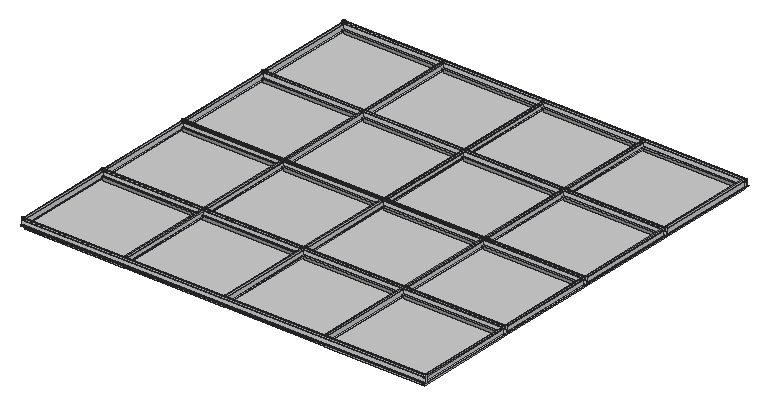
Revit family "GRD-TLE-021_TILE 001_RFA", category Modelos genéricos, Revit 2022 (continued)
Forms (in)
  Extrusion 233, solid, not visible
    sketch origin (0, 24, 0) x (0, 1, 0) y (0, 0, 1)
      loop
        arc (0.44023, 1.66266) -> (0.45258, 1.69248) -> (0.4824, 1.70483) r 0.04217
        line (0.4824, 1.70483) -> (0.52333, 1.70483)
        arc (0.52333, 1.70483) -> (0.54049, 1.71194) -> (0.54761, 1.7291) r 0.02428
        line (0.54761, 1.7291) -> (0.54761, 2.15016) -> (0.45704, 2.24072)
        arc (0.45704, 2.24072) -> (0.44027, 2.24767) -> (0.42351, 2.24072) r 0.02371
        line (0.42351, 2.24072) -> (0.33294, 2.15016) -> (0.33294, 1.7291)
    from 0 to 96.9361
  Extrusion 234, solid, not visible
    sketch origin (0, 48, 0) x (0, 1, 0) y (0, 0, 1)
      loop
        line (0.42221, 1.66259) -> (0.42231, 0.67354)
        arc (0.42231, 0.67354) -> (0.41009, 0.64403) -> (0.38057, 0.6318) r 0.04174
        line (0.38057, 0.6318) -> (-0.00639, 0.6318) -> (-0.00639, 0.59057) -> (0.8874, 0.59057) -> (0.8874, 0.6318) -> (0.49998, 0.6318)
        arc (0.49998, 0.6318) -> (0.47046, 0.64403) -> (0.45824, 0.67354) r 0.04174
        line (0.45824, 0.67354) -> (0.45834, 1.66259)
        arc (0.45834, 1.66259) -> (0.46543, 1.67969) -> (0.48252, 1.68677) r 0.02418
        line (0.48252, 1.68677) -> (0.52252, 1.68677)
        arc (0.52252, 1.68677) -> (0.55303, 1.69941) -> (0.56566, 1.72991) r 0.04314
        line (0.56566, 1.72991) -> (0.56566, 2.14095)
        arc (0.56566, 2.14095) -> (0.5626, 2.15637) -> (0.55386, 2.16944) r 0.04029
        line (0.55386, 2.16944) -> (0.47053, 2.25277)
        arc (0.47053, 2.25277) -> (0.44027, 2.2653) -> (0.41002, 2.25277) r 0.04279
        line (0.41002, 2.25277) -> (0.32669, 2.16944)
        arc (0.32669, 2.16944) -> (0.31795, 2.15637) -> (0.31489, 2.14095) r 0.04029
        line (0.31489, 2.14095) -> (0.31489, 1.72991)
        arc (0.31489, 1.72991) -> (0.32752, 1.69941) -> (0.35803, 1.68677) r 0.04314
        line (0.35803, 1.68677) -> (0.39803, 1.68677)
        arc (0.39803, 1.68677) -> (0.41512, 1.67969) -> (0.42221, 1.66259) r 0.02418
      loop
        arc (0.33294, 1.7291) -> (0.34005, 1.71194) -> (0.35722, 1.70483) r 0.02428
        line (0.35722, 1.70483) -> (0.39815, 1.70483)
        arc (0.39815, 1.70483) -> (0.42797, 1.69248) -> (0.44023, 1.66266) r 0.04217
        arc (0.44023, 1.66266) -> (0.45258, 1.69248) -> (0.4824, 1.70483) r 0.04217
        line (0.4824, 1.70483) -> (0.52333, 1.70483)
        arc (0.52333, 1.70483) -> (0.54049, 1.71194) -> (0.54761, 1.7291) r 0.02428
        line (0.54761, 1.7291) -> (0.54761, 2.15016) -> (0.45704, 2.24072)
        arc (0.45704, 2.24072) -> (0.44027, 2.24767) -> (0.42351, 2.24072) r 0.02371
        line (0.42351, 2.24072) -> (0.33294, 2.15016) -> (0.33294, 1.7291)
    from 0 to 96.9361
  Extrusion 235, solid, not visible
    sketch origin (0, 72, 0) x (0, 1, 0) y (0, 0, 1)
      loop
        line (0.42221, 1.66259) -> (0.42231, 0.67354)
        arc (0.42231, 0.67354) -> (0.41009, 0.64403) -> (0.38057, 0.6318) r 0.04174
        line (0.38057, 0.6318) -> (-0.00639, 0.6318) -> (-0.00639, 0.59057) -> (0.8874, 0.59057) -> (0.8874, 0.6318) -> (0.49998, 0.6318)
        arc (0.49998, 0.6318) -> (0.47046, 0.64403) -> (0.45824, 0.67354) r 0.04174
        line (0.45824, 0.67354) -> (0.45834, 1.66259)
        arc (0.45834, 1.66259) -> (0.46543, 1.67969) -> (0.48252, 1.68677) r 0.02418
        line (0.48252, 1.68677) -> (0.52252, 1.68677)
        arc (0.52252, 1.68677) -> (0.55303, 1.69941) -> (0.56566, 1.72991) r 0.04314
        line (0.56566, 1.72991) -> (0.56566, 2.14095)
        arc (0.56566, 2.14095) -> (0.5626, 2.15637) -> (0.55386, 2.16944) r 0.04029
        line (0.55386, 2.16944) -> (0.47053, 2.25277)
        arc (0.47053, 2.25277) -> (0.44027, 2.2653) -> (0.41002, 2.25277) r 0.04279
        line (0.41002, 2.25277) -> (0.32669, 2.16944)
        arc (0.32669, 2.16944) -> (0.31795, 2.15637) -> (0.31489, 2.14095) r 0.04029
        line (0.31489, 2.14095) -> (0.31489, 1.72991)
        arc (0.31489, 1.72991) -> (0.32752, 1.69941) -> (0.35803, 1.68677) r 0.04314
        line (0.35803, 1.68677) -> (0.39803, 1.68677)
        arc (0.39803, 1.68677) -> (0.41512, 1.67969) -> (0.42221, 1.66259) r 0.02418
      loop
        arc (0.33294, 1.7291) -> (0.34005, 1.71194) -> (0.35722, 1.70483) r 0.02428
        line (0.35722, 1.70483) -> (0.39815, 1.70483)
        arc (0.39815, 1.70483) -> (0.42797, 1.69248) -> (0.44023, 1.66266) r 0.04217
        arc (0.44023, 1.66266) -> (0.45258, 1.69248) -> (0.4824, 1.70483) r 0.04217
        line (0.4824, 1.70483) -> (0.52333, 1.70483)
        arc (0.52333, 1.70483) -> (0.54049, 1.71194) -> (0.54761, 1.7291) r 0.02428
        line (0.54761, 1.7291) -> (0.54761, 2.15016) -> (0.45704, 2.24072)
        arc (0.45704, 2.24072) -> (0.44027, 2.24767) -> (0.42351, 2.24072) r 0.02371
        line (0.42351, 2.24072) -> (0.33294, 2.15016) -> (0.33294, 1.7291)
    from 0 to 96.9361
  Extrusion 236, solid, not visible
    sketch origin (0, 96, 0) x (0, 1, 0) y (0, 0, 1)
      loop
        line (0.42221, 1.66259) -> (0.42231, 0.67354)
        arc (0.42231, 0.67354) -> (0.41009, 0.64403) -> (0.38057, 0.6318) r 0.04174
        line (0.38057, 0.6318) -> (-0.00639, 0.6318) -> (-0.00639, 0.59057) -> (0.8874, 0.59057) -> (0.8874, 0.6318) -> (0.49998, 0.6318)
        arc (0.49998, 0.6318) -> (0.47046, 0.64403) -> (0.45824, 0.67354) r 0.04174
        line (0.45824, 0.67354) -> (0.45834, 1.66259)
        arc (0.45834, 1.66259) -> (0.46543, 1.67969) -> (0.48252, 1.68677) r 0.02418
        line (0.48252, 1.68677) -> (0.52252, 1.68677)
        arc (0.52252, 1.68677) -> (0.55303, 1.69941) -> (0.56566, 1.72991) r 0.04314
        line (0.56566, 1.72991) -> (0.56566, 2.14095)
        arc (0.56566, 2.14095) -> (0.5626, 2.15637) -> (0.55386, 2.16944) r 0.04029
        line (0.55386, 2.16944) -> (0.47053, 2.25277)
        arc (0.47053, 2.25277) -> (0.44027, 2.2653) -> (0.41002, 2.25277) r 0.04279
        line (0.41002, 2.25277) -> (0.32669, 2.16944)
        arc (0.32669, 2.16944) -> (0.31795, 2.15637) -> (0.31489, 2.14095) r 0.04029
        line (0.31489, 2.14095) -> (0.31489, 1.72991)
        arc (0.31489, 1.72991) -> (0.32752, 1.69941) -> (0.35803, 1.68677) r 0.04314
        line (0.35803, 1.68677) -> (0.39803, 1.68677)
        arc (0.39803, 1.68677) -> (0.41512, 1.67969) -> (0.42221, 1.66259) r 0.02418
      loop
        arc (0.33294, 1.7291) -> (0.34005, 1.71194) -> (0.35722, 1.70483) r 0.02428
        line (0.35722, 1.70483) -> (0.39815, 1.70483)
        arc (0.39815, 1.70483) -> (0.42797, 1.69248) -> (0.44023, 1.66266) r 0.04217
        arc (0.44023, 1.66266) -> (0.45258, 1.69248) -> (0.4824, 1.70483) r 0.04217
        line (0.4824, 1.70483) -> (0.52333, 1.70483)
        arc (0.52333, 1.70483) -> (0.54049, 1.71194) -> (0.54761, 1.7291) r 0.02428
        line (0.54761, 1.7291) -> (0.54761, 2.15016) -> (0.45704, 2.24072)
        arc (0.45704, 2.24072) -> (0.44027, 2.24767) -> (0.42351, 2.24072) r 0.02371
        line (0.42351, 2.24072) -> (0.33294, 2.15016) -> (0.33294, 1.7291)
    from 0 to 96.9361
  Extrusion 237, solid, not visible
    sketch origin (48.02754, 154.90856, 0) x (1, 0, 0) y (0, 0, 1)
      loop
        line (0.42221, 1.66259) -> (0.42231, 0.67354)
        arc (0.42231, 0.67354) -> (0.41009, 0.64403) -> (0.38057, 0.6318) r 0.04174
        line (0.38057, 0.6318) -> (-0.00639, 0.6318) -> (-0.00639, 0.59057) -> (0.8874, 0.59057) -> (0.8874, 0.6318) -> (0.49998, 0.6318)
        arc (0.49998, 0.6318) -> (0.47046, 0.64403) -> (0.45824, 0.67354) r 0.04174
        line (0.45824, 0.67354) -> (0.45834, 1.66259)
        arc (0.45834, 1.66259) -> (0.46543, 1.67969) -> (0.48252, 1.68677) r 0.02418
        line (0.48252, 1.68677) -> (0.52252, 1.68677)
        arc (0.52252, 1.68677) -> (0.55303, 1.69941) -> (0.56566, 1.72991) r 0.04314
        line (0.56566, 1.72991) -> (0.56566, 2.14095)
        arc (0.56566, 2.14095) -> (0.5626, 2.15637) -> (0.55386, 2.16944) r 0.04029
        line (0.55386, 2.16944) -> (0.47053, 2.25277)
        arc (0.47053, 2.25277) -> (0.44027, 2.2653) -> (0.41002, 2.25277) r 0.04279
        line (0.41002, 2.25277) -> (0.32669, 2.16944)
        arc (0.32669, 2.16944) -> (0.31795, 2.15637) -> (0.31489, 2.14095) r 0.04029
        line (0.31489, 2.14095) -> (0.31489, 1.72991)
        arc (0.31489, 1.72991) -> (0.32752, 1.69941) -> (0.35803, 1.68677) r 0.04314
        line (0.35803, 1.68677) -> (0.39803, 1.68677)
        arc (0.39803, 1.68677) -> (0.41512, 1.67969) -> (0.42221, 1.66259) r 0.02418
      loop
        arc (0.33294, 1.7291) -> (0.34005, 1.71194) -> (0.35722, 1.70483) r 0.02428
        line (0.35722, 1.70483) -> (0.39815, 1.70483)
        arc (0.39815, 1.70483) -> (0.42797, 1.69248) -> (0.44023, 1.66266) r 0.04217
        arc (0.44023, 1.66266) -> (0.45258, 1.69248) -> (0.4824, 1.70483) r 0.04217
        line (0.4824, 1.70483) -> (0.52333, 1.70483)
        arc (0.52333, 1.70483) -> (0.54049, 1.71194) -> (0.54761, 1.7291) r 0.02428
        line (0.54761, 1.7291) -> (0.54761, 2.15016) -> (0.45704, 2.24072)
        arc (0.45704, 2.24072) -> (0.44027, 2.24767) -> (0.42351, 2.24072) r 0.02371
        line (0.42351, 2.24072) -> (0.33294, 2.15016) -> (0.33294, 1.7291)
    from 58.93614 to 81.99864
  Extrusion 238, solid, not visible
    sketch origin (72.02767, 154.90856, 0) x (1, 0, 0) y (0, 0, 1)
      loop
        line (0.42221, 1.66259) -> (0.42231, 0.67354)
        arc (0.42231, 0.67354) -> (0.41009, 0.64403) -> (0.38057, 0.6318) r 0.04174
        line (0.38057, 0.6318) -> (-0.00639, 0.6318) -> (-0.00639, 0.59057) -> (0.8874, 0.59057) -> (0.8874, 0.6318) -> (0.49998, 0.6318)
        arc (0.49998, 0.6318) -> (0.47046, 0.64403) -> (0.45824, 0.67354) r 0.04174
        line (0.45824, 0.67354) -> (0.45834, 1.66259)
        arc (0.45834, 1.66259) -> (0.46543, 1.67969) -> (0.48252, 1.68677) r 0.02418
        line (0.48252, 1.68677) -> (0.52252, 1.68677)
        arc (0.52252, 1.68677) -> (0.55303, 1.69941) -> (0.56566, 1.72991) r 0.04314
        line (0.56566, 1.72991) -> (0.56566, 2.14095)
        arc (0.56566, 2.14095) -> (0.5626, 2.15637) -> (0.55386, 2.16944) r 0.04029
        line (0.55386, 2.16944) -> (0.47053, 2.25277)
        arc (0.47053, 2.25277) -> (0.44027, 2.2653) -> (0.41002, 2.25277) r 0.04279
        line (0.41002, 2.25277) -> (0.32669, 2.16944)
        arc (0.32669, 2.16944) -> (0.31795, 2.15637) -> (0.31489, 2.14095) r 0.04029
        line (0.31489, 2.14095) -> (0.31489, 1.72991)
        arc (0.31489, 1.72991) -> (0.32752, 1.69941) -> (0.35803, 1.68677) r 0.04314
        line (0.35803, 1.68677) -> (0.39803, 1.68677)
        arc (0.39803, 1.68677) -> (0.41512, 1.67969) -> (0.42221, 1.66259) r 0.02418
      loop
        arc (0.33294, 1.7291) -> (0.34005, 1.71194) -> (0.35722, 1.70483) r 0.02428
        line (0.35722, 1.70483) -> (0.39815, 1.70483)
        arc (0.39815, 1.70483) -> (0.42797, 1.69248) -> (0.44023, 1.66266) r 0.04217
        arc (0.44023, 1.66266) -> (0.45258, 1.69248) -> (0.4824, 1.70483) r 0.04217
        line (0.4824, 1.70483) -> (0.52333, 1.70483)
        arc (0.52333, 1.70483) -> (0.54049, 1.71194) -> (0.54761, 1.7291) r 0.02428
        line (0.54761, 1.7291) -> (0.54761, 2.15016) -> (0.45704, 2.24072)
        arc (0.45704, 2.24072) -> (0.44027, 2.24767) -> (0.42351, 2.24072) r 0.02371
        line (0.42351, 2.24072) -> (0.33294, 2.15016) -> (0.33294, 1.7291)
    from 58.93614 to 81.99864
  Extrusion 239, solid, not visible
    sketch origin (96.02767, 154.90856, 0) x (1, 0, 0) y (0, 0, 1)
      loop
        line (0.42221, 1.66259) -> (0.42231, 0.67354)
        arc (0.42231, 0.67354) -> (0.41009, 0.64403) -> (0.38057, 0.6318) r 0.04174
        line (0.38057, 0.6318) -> (-0.00639, 0.6318) -> (-0.00639, 0.59057) -> (0.8874, 0.59057) -> (0.8874, 0.6318) -> (0.49998, 0.6318)
        arc (0.49998, 0.6318) -> (0.47046, 0.64403) -> (0.45824, 0.67354) r 0.04174
        line (0.45824, 0.67354) -> (0.45834, 1.66259)
        arc (0.45834, 1.66259) -> (0.46543, 1.67969) -> (0.48252, 1.68677) r 0.02418
        line (0.48252, 1.68677) -> (0.52252, 1.68677)
        arc (0.52252, 1.68677) -> (0.55303, 1.69941) -> (0.56566, 1.72991) r 0.04314
        line (0.56566, 1.72991) -> (0.56566, 2.14095)
        arc (0.56566, 2.14095) -> (0.5626, 2.15637) -> (0.55386, 2.16944) r 0.04029
        line (0.55386, 2.16944) -> (0.47053, 2.25277)
        arc (0.47053, 2.25277) -> (0.44027, 2.2653) -> (0.41002, 2.25277) r 0.04279
        line (0.41002, 2.25277) -> (0.32669, 2.16944)
        arc (0.32669, 2.16944) -> (0.31795, 2.15637) -> (0.31489, 2.14095) r 0.04029
        line (0.31489, 2.14095) -> (0.31489, 1.72991)
        arc (0.31489, 1.72991) -> (0.32752, 1.69941) -> (0.35803, 1.68677) r 0.04314
        line (0.35803, 1.68677) -> (0.39803, 1.68677)
        arc (0.39803, 1.68677) -> (0.41512, 1.67969) -> (0.42221, 1.66259) r 0.02418
      loop
        arc (0.33294, 1.7291) -> (0.34005, 1.71194) -> (0.35722, 1.70483) r 0.02428
        line (0.35722, 1.70483) -> (0.39815, 1.70483)
        arc (0.39815, 1.70483) -> (0.42797, 1.69248) -> (0.44023, 1.66266) r 0.04217
        arc (0.44023, 1.66266) -> (0.45258, 1.69248) -> (0.4824, 1.70483) r 0.04217
        line (0.4824, 1.70483) -> (0.52333, 1.70483)
        arc (0.52333, 1.70483) -> (0.54049, 1.71194) -> (0.54761, 1.7291) r 0.02428
        line (0.54761, 1.7291) -> (0.54761, 2.15016) -> (0.45704, 2.24072)
        arc (0.45704, 2.24072) -> (0.44027, 2.24767) -> (0.42351, 2.24072) r 0.02371
        line (0.42351, 2.24072) -> (0.33294, 2.15016) -> (0.33294, 1.7291)
    from 58.93614 to 81.99864
  Extrusion 240, solid, not visible
    sketch origin (24.02767, 154.90856, 0) x (1, 0, 0) y (0, 0, 1)
      loop
        line (0.42221, 1.66259) -> (0.42231, 0.67354)
        arc (0.42231, 0.67354) -> (0.41009, 0.64403) -> (0.38057, 0.6318) r 0.04174
        line (0.38057, 0.6318) -> (-0.00639, 0.6318) -> (-0.00639, 0.59057) -> (0.8874, 0.59057) -> (0.8874, 0.6318) -> (0.49998, 0.6318)
        arc (0.49998, 0.6318) -> (0.47046, 0.64403) -> (0.45824, 0.67354) r 0.04174
        line (0.45824, 0.67354) -> (0.45834, 1.66259)
        arc (0.45834, 1.66259) -> (0.46543, 1.67969) -> (0.48252, 1.68677) r 0.02418
        line (0.48252, 1.68677) -> (0.52252, 1.68677)
        arc (0.52252, 1.68677) -> (0.55303, 1.69941) -> (0.56566, 1.72991) r 0.04314
        line (0.56566, 1.72991) -> (0.56566, 2.14095)
        arc (0.56566, 2.14095) -> (0.5626, 2.15637) -> (0.55386, 2.16944) r 0.04029
        line (0.55386, 2.16944) -> (0.47053, 2.25277)
        arc (0.47053, 2.25277) -> (0.44027, 2.2653) -> (0.41002, 2.25277) r 0.04279
        line (0.41002, 2.25277) -> (0.32669, 2.16944)
        arc (0.32669, 2.16944) -> (0.31795, 2.15637) -> (0.31489, 2.14095) r 0.04029
        line (0.31489, 2.14095) -> (0.31489, 1.72991)
        arc (0.31489, 1.72991) -> (0.32752, 1.69941) -> (0.35803, 1.68677) r 0.04314
        line (0.35803, 1.68677) -> (0.39803, 1.68677)
        arc (0.39803, 1.68677) -> (0.41512, 1.67969) -> (0.42221, 1.66259) r 0.02418
      loop
        arc (0.33294, 1.7291) -> (0.34005, 1.71194) -> (0.35722, 1.70483) r 0.02428
        line (0.35722, 1.70483) -> (0.39815, 1.70483)
        arc (0.39815, 1.70483) -> (0.42797, 1.69248) -> (0.44023, 1.66266) r 0.04217
        arc (0.44023, 1.66266) -> (0.45258, 1.69248) -> (0.4824, 1.70483) r 0.04217
        line (0.4824, 1.70483) -> (0.52333, 1.70483)
        arc (0.52333, 1.70483) -> (0.54049, 1.71194) -> (0.54761, 1.7291) r 0.02428
        line (0.54761, 1.7291) -> (0.54761, 2.15016) -> (0.45704, 2.24072)
        arc (0.45704, 2.24072) -> (0.44027, 2.24767) -> (0.42351, 2.24072) r 0.02371
        line (0.42351, 2.24072) -> (0.33294, 2.15016) -> (0.33294, 1.7291)
    from 58.93614 to 81.99864
  Extrusion 241, solid, not visible
    sketch origin (0.02767, 154.90856, 0) x (1, 0, 0) y (0, 0, 1)
      loop
        line (0.42221, 1.66259) -> (0.42231, 0.67354)
        arc (0.42231, 0.67354) -> (0.41009, 0.64403) -> (0.38057, 0.6318) r 0.04174
        line (0.38057, 0.6318) -> (-0.00639, 0.6318) -> (-0.00639, 0.59057) -> (0.8874, 0.59057) -> (0.8874, 0.6318) -> (0.49998, 0.6318)
        arc (0.49998, 0.6318) -> (0.47046, 0.64403) -> (0.45824, 0.67354) r 0.04174
        line (0.45824, 0.67354) -> (0.45834, 1.66259)
        arc (0.45834, 1.66259) -> (0.46543, 1.67969) -> (0.48252, 1.68677) r 0.02418
        line (0.48252, 1.68677) -> (0.52252, 1.68677)
        arc (0.52252, 1.68677) -> (0.55303, 1.69941) -> (0.56566, 1.72991) r 0.04314
        line (0.56566, 1.72991) -> (0.56566, 2.14095)
        arc (0.56566, 2.14095) -> (0.5626, 2.15637) -> (0.55386, 2.16944) r 0.04029
        line (0.55386, 2.16944) -> (0.47053, 2.25277)
        arc (0.47053, 2.25277) -> (0.44027, 2.2653) -> (0.41002, 2.25277) r 0.04279
        line (0.41002, 2.25277) -> (0.32669, 2.16944)
        arc (0.32669, 2.16944) -> (0.31795, 2.15637) -> (0.31489, 2.14095) r 0.04029
        line (0.31489, 2.14095) -> (0.31489, 1.72991)
        arc (0.31489, 1.72991) -> (0.32752, 1.69941) -> (0.35803, 1.68677) r 0.04314
        line (0.35803, 1.68677) -> (0.39803, 1.68677)
        arc (0.39803, 1.68677) -> (0.41512, 1.67969) -> (0.42221, 1.66259) r 0.02418
      loop
        arc (0.33294, 1.7291) -> (0.34005, 1.71194) -> (0.35722, 1.70483) r 0.02428
        line (0.35722, 1.70483) -> (0.39815, 1.70483)
        arc (0.39815, 1.70483) -> (0.42797, 1.69248) -> (0.44023, 1.66266) r 0.04217
        arc (0.44023, 1.66266) -> (0.45258, 1.69248) -> (0.4824, 1.70483) r 0.04217
        line (0.4824, 1.70483) -> (0.52333, 1.70483)
        arc (0.52333, 1.70483) -> (0.54049, 1.71194) -> (0.54761, 1.7291) r 0.02428
        line (0.54761, 1.7291) -> (0.54761, 2.15016) -> (0.45704, 2.24072)
        arc (0.45704, 2.24072) -> (0.44027, 2.24767) -> (0.42351, 2.24072) r 0.02371
        line (0.42351, 2.24072) -> (0.33294, 2.15016) -> (0.33294, 1.7291)
    from 58.93614 to 81.99864
  Extrusion 242, solid, not visible
    sketch origin (48.02754, 130.90855, 0) x (1, 0, 0) y (0, 0, 1)
      loop
        line (0.42221, 1.66259) -> (0.42231, 0.67354)
        arc (0.42231, 0.67354) -> (0.41009, 0.64403) -> (0.38057, 0.6318) r 0.04174
        line (0.38057, 0.6318) -> (-0.00639, 0.6318) -> (-0.00639, 0.59057) -> (0.8874, 0.59057) -> (0.8874, 0.6318) -> (0.49998, 0.6318)
        arc (0.49998, 0.6318) -> (0.47046, 0.64403) -> (0.45824, 0.67354) r 0.04174
        line (0.45824, 0.67354) -> (0.45834, 1.66259)
        arc (0.45834, 1.66259) -> (0.46543, 1.67969) -> (0.48252, 1.68677) r 0.02418
        line (0.48252, 1.68677) -> (0.52252, 1.68677)
        arc (0.52252, 1.68677) -> (0.55303, 1.69941) -> (0.56566, 1.72991) r 0.04314
        line (0.56566, 1.72991) -> (0.56566, 2.14095)
        arc (0.56566, 2.14095) -> (0.5626, 2.15637) -> (0.55386, 2.16944) r 0.04029
        line (0.55386, 2.16944) -> (0.47053, 2.25277)
        arc (0.47053, 2.25277) -> (0.44027, 2.2653) -> (0.41002, 2.25277) r 0.04279
        line (0.41002, 2.25277) -> (0.32669, 2.16944)
        arc (0.32669, 2.16944) -> (0.31795, 2.15637) -> (0.31489, 2.14095) r 0.04029
        line (0.31489, 2.14095) -> (0.31489, 1.72991)
        arc (0.31489, 1.72991) -> (0.32752, 1.69941) -> (0.35803, 1.68677) r 0.04314
        line (0.35803, 1.68677) -> (0.39803, 1.68677)
        arc (0.39803, 1.68677) -> (0.41512, 1.67969) -> (0.42221, 1.66259) r 0.02418
      loop
        arc (0.33294, 1.7291) -> (0.34005, 1.71194) -> (0.35722, 1.70483) r 0.02428
        line (0.35722, 1.70483) -> (0.39815, 1.70483)
        arc (0.39815, 1.70483) -> (0.42797, 1.69248) -> (0.44023, 1.66266) r 0.04217
        arc (0.44023, 1.66266) -> (0.45258, 1.69248) -> (0.4824, 1.70483) r 0.04217
        line (0.4824, 1.70483) -> (0.52333, 1.70483)
        arc (0.52333, 1.70483) -> (0.54049, 1.71194) -> (0.54761, 1.7291) r 0.02428
        line (0.54761, 1.7291) -> (0.54761, 2.15016) -> (0.45704, 2.24072)
        arc (0.45704, 2.24072) -> (0.44027, 2.24767) -> (0.42351, 2.24072) r 0.02371
        line (0.42351, 2.24072) -> (0.33294, 2.15016) -> (0.33294, 1.7291)
    from 58.93614 to 81.99864
  Extrusion 243, solid, not visible
    sketch origin (72.02767, 130.90855, 0) x (1, 0, 0) y (0, 0, 1)
      loop
        line (0.42221, 1.66259) -> (0.42231, 0.67354)
        arc (0.42231, 0.67354) -> (0.41009, 0.64403) -> (0.38057, 0.6318) r 0.04174
        line (0.38057, 0.6318) -> (-0.00639, 0.6318) -> (-0.00639, 0.59057) -> (0.8874, 0.59057) -> (0.8874, 0.6318) -> (0.49998, 0.6318)
        arc (0.49998, 0.6318) -> (0.47046, 0.64403) -> (0.45824, 0.67354) r 0.04174
        line (0.45824, 0.67354) -> (0.45834, 1.66259)
        arc (0.45834, 1.66259) -> (0.46543, 1.67969) -> (0.48252, 1.68677) r 0.02418
        line (0.48252, 1.68677) -> (0.52252, 1.68677)
        arc (0.52252, 1.68677) -> (0.55303, 1.69941) -> (0.56566, 1.72991) r 0.04314
        line (0.56566, 1.72991) -> (0.56566, 2.14095)
        arc (0.56566, 2.14095) -> (0.5626, 2.15637) -> (0.55386, 2.16944) r 0.04029
        line (0.55386, 2.16944) -> (0.47053, 2.25277)
        arc (0.47053, 2.25277) -> (0.44027, 2.2653) -> (0.41002, 2.25277) r 0.04279
        line (0.41002, 2.25277) -> (0.32669, 2.16944)
        arc (0.32669, 2.16944) -> (0.31795, 2.15637) -> (0.31489, 2.14095) r 0.04029
        line (0.31489, 2.14095) -> (0.31489, 1.72991)
        arc (0.31489, 1.72991) -> (0.32752, 1.69941) -> (0.35803, 1.68677) r 0.04314
        line (0.35803, 1.68677) -> (0.39803, 1.68677)
        arc (0.39803, 1.68677) -> (0.41512, 1.67969) -> (0.42221, 1.66259) r 0.02418
      loop
        arc (0.33294, 1.7291) -> (0.34005, 1.71194) -> (0.35722, 1.70483) r 0.02428
        line (0.35722, 1.70483) -> (0.39815, 1.70483)
        arc (0.39815, 1.70483) -> (0.42797, 1.69248) -> (0.44023, 1.66266) r 0.04217
        arc (0.44023, 1.66266) -> (0.45258, 1.69248) -> (0.4824, 1.70483) r 0.04217
        line (0.4824, 1.70483) -> (0.52333, 1.70483)
        arc (0.52333, 1.70483) -> (0.54049, 1.71194) -> (0.54761, 1.7291) r 0.02428
        line (0.54761, 1.7291) -> (0.54761, 2.15016) -> (0.45704, 2.24072)
        arc (0.45704, 2.24072) -> (0.44027, 2.24767) -> (0.42351, 2.24072) r 0.02371
        line (0.42351, 2.24072) -> (0.33294, 2.15016) -> (0.33294, 1.7291)
    from 58.93614 to 81.99864
  Extrusion 244, solid, not visible
    sketch origin (96.02767, 130.90855, 0) x (1, 0, 0) y (0, 0, 1)
      loop
        line (0.42221, 1.66259) -> (0.42231, 0.67354)
        arc (0.42231, 0.67354) -> (0.41009, 0.64403) -> (0.38057, 0.6318) r 0.04174
        line (0.38057, 0.6318) -> (-0.00639, 0.6318) -> (-0.00639, 0.59057) -> (0.8874, 0.59057) -> (0.8874, 0.6318) -> (0.49998, 0.6318)
        arc (0.49998, 0.6318) -> (0.47046, 0.64403) -> (0.45824, 0.67354) r 0.04174
        line (0.45824, 0.67354) -> (0.45834, 1.66259)
        arc (0.45834, 1.66259) -> (0.46543, 1.67969) -> (0.48252, 1.68677) r 0.02418
        line (0.48252, 1.68677) -> (0.52252, 1.68677)
        arc (0.52252, 1.68677) -> (0.55303, 1.69941) -> (0.56566, 1.72991) r 0.04314
        line (0.56566, 1.72991) -> (0.56566, 2.14095)
        arc (0.56566, 2.14095) -> (0.5626, 2.15637) -> (0.55386, 2.16944) r 0.04029
        line (0.55386, 2.16944) -> (0.47053, 2.25277)
        arc (0.47053, 2.25277) -> (0.44027, 2.2653) -> (0.41002, 2.25277) r 0.04279
        line (0.41002, 2.25277) -> (0.32669, 2.16944)
        arc (0.32669, 2.16944) -> (0.31795, 2.15637) -> (0.31489, 2.14095) r 0.04029
        line (0.31489, 2.14095) -> (0.31489, 1.72991)
        arc (0.31489, 1.72991) -> (0.32752, 1.69941) -> (0.35803, 1.68677) r 0.04314
        line (0.35803, 1.68677) -> (0.39803, 1.68677)
        arc (0.39803, 1.68677) -> (0.41512, 1.67969) -> (0.42221, 1.66259) r 0.02418
      loop
        arc (0.33294, 1.7291) -> (0.34005, 1.71194) -> (0.35722, 1.70483) r 0.02428
        line (0.35722, 1.70483) -> (0.39815, 1.70483)
        arc (0.39815, 1.70483) -> (0.42797, 1.69248) -> (0.44023, 1.66266) r 0.04217
        arc (0.44023, 1.66266) -> (0.45258, 1.69248) -> (0.4824, 1.70483) r 0.04217
        line (0.4824, 1.70483) -> (0.52333, 1.70483)
        arc (0.52333, 1.70483) -> (0.54049, 1.71194) -> (0.54761, 1.7291) r 0.02428
        line (0.54761, 1.7291) -> (0.54761, 2.15016) -> (0.45704, 2.24072)
        arc (0.45704, 2.24072) -> (0.44027, 2.24767) -> (0.42351, 2.24072) r 0.02371
        line (0.42351, 2.24072) -> (0.33294, 2.15016) -> (0.33294, 1.7291)
    from 58.93614 to 81.99864
  Extrusion 245, solid, not visible
    sketch origin (24.02767, 130.90855, 0) x (1, 0, 0) y (0, 0, 1)
      loop
        line (0.42221, 1.66259) -> (0.42231, 0.67354)
        arc (0.42231, 0.67354) -> (0.41009, 0.64403) -> (0.38057, 0.6318) r 0.04174
        line (0.38057, 0.6318) -> (-0.00639, 0.6318) -> (-0.00639, 0.59057) -> (0.8874, 0.59057) -> (0.8874, 0.6318) -> (0.49998, 0.6318)
        arc (0.49998, 0.6318) -> (0.47046, 0.64403) -> (0.45824, 0.67354) r 0.04174
        line (0.45824, 0.67354) -> (0.45834, 1.66259)
        arc (0.45834, 1.66259) -> (0.46543, 1.67969) -> (0.48252, 1.68677) r 0.02418
        line (0.48252, 1.68677) -> (0.52252, 1.68677)
        arc (0.52252, 1.68677) -> (0.55303, 1.69941) -> (0.56566, 1.72991) r 0.04314
        line (0.56566, 1.72991) -> (0.56566, 2.14095)
        arc (0.56566, 2.14095) -> (0.5626, 2.15637) -> (0.55386, 2.16944) r 0.04029
        line (0.55386, 2.16944) -> (0.47053, 2.25277)
        arc (0.47053, 2.25277) -> (0.44027, 2.2653) -> (0.41002, 2.25277) r 0.04279
        line (0.41002, 2.25277) -> (0.32669, 2.16944)
        arc (0.32669, 2.16944) -> (0.31795, 2.15637) -> (0.31489, 2.14095) r 0.04029
        line (0.31489, 2.14095) -> (0.31489, 1.72991)
        arc (0.31489, 1.72991) -> (0.32752, 1.69941) -> (0.35803, 1.68677) r 0.04314
        line (0.35803, 1.68677) -> (0.39803, 1.68677)
        arc (0.39803, 1.68677) -> (0.41512, 1.67969) -> (0.42221, 1.66259) r 0.02418
      loop
        arc (0.33294, 1.7291) -> (0.34005, 1.71194) -> (0.35722, 1.70483) r 0.02428
        line (0.35722, 1.70483) -> (0.39815, 1.70483)
        arc (0.39815, 1.70483) -> (0.42797, 1.69248) -> (0.44023, 1.66266) r 0.04217
        arc (0.44023, 1.66266) -> (0.45258, 1.69248) -> (0.4824, 1.70483) r 0.04217
        line (0.4824, 1.70483) -> (0.52333, 1.70483)
        arc (0.52333, 1.70483) -> (0.54049, 1.71194) -> (0.54761, 1.7291) r 0.02428
        line (0.54761, 1.7291) -> (0.54761, 2.15016) -> (0.45704, 2.24072)
        arc (0.45704, 2.24072) -> (0.44027, 2.24767) -> (0.42351, 2.24072) r 0.02371
        line (0.42351, 2.24072) -> (0.33294, 2.15016) -> (0.33294, 1.7291)
    from 58.93614 to 81.99864
  Extrusion 246, solid, not visible
    sketch origin (0.02767, 130.90855, 0) x (1, 0, 0) y (0, 0, 1)
      loop
        line (0.42221, 1.66259) -> (0.42231, 0.67354)
        arc (0.42231, 0.67354) -> (0.41009, 0.64403) -> (0.38057, 0.6318) r 0.04174
        line (0.38057, 0.6318) -> (-0.00639, 0.6318) -> (-0.00639, 0.59057) -> (0.8874, 0.59057) -> (0.8874, 0.6318) -> (0.49998, 0.6318)
        arc (0.49998, 0.6318) -> (0.47046, 0.64403) -> (0.45824, 0.67354) r 0.04174
        line (0.45824, 0.67354) -> (0.45834, 1.66259)
        arc (0.45834, 1.66259) -> (0.46543, 1.67969) -> (0.48252, 1.68677) r 0.02418
        line (0.48252, 1.68677) -> (0.52252, 1.68677)
        arc (0.52252, 1.68677) -> (0.55303, 1.69941) -> (0.56566, 1.72991) r 0.04314
        line (0.56566, 1.72991) -> (0.56566, 2.14095)
        arc (0.56566, 2.14095) -> (0.5626, 2.15637) -> (0.55386, 2.16944) r 0.04029
        line (0.55386, 2.16944) -> (0.47053, 2.25277)
        arc (0.47053, 2.25277) -> (0.44027, 2.2653) -> (0.41002, 2.25277) r 0.04279
        line (0.41002, 2.25277) -> (0.32669, 2.16944)
        arc (0.32669, 2.16944) -> (0.31795, 2.15637) -> (0.31489, 2.14095) r 0.04029
        line (0.31489, 2.14095) -> (0.31489, 1.72991)
        arc (0.31489, 1.72991) -> (0.32752, 1.69941) -> (0.35803, 1.68677) r 0.04314
        line (0.35803, 1.68677) -> (0.39803, 1.68677)
        arc (0.39803, 1.68677) -> (0.41512, 1.67969) -> (0.42221, 1.66259) r 0.02418
      loop
        arc (0.33294, 1.7291) -> (0.34005, 1.71194) -> (0.35722, 1.70483) r 0.02428
        line (0.35722, 1.70483) -> (0.39815, 1.70483)
        arc (0.39815, 1.70483) -> (0.42797, 1.69248) -> (0.44023, 1.66266) r 0.04217
        arc (0.44023, 1.66266) -> (0.45258, 1.69248) -> (0.4824, 1.70483) r 0.04217
        line (0.4824, 1.70483) -> (0.52333, 1.70483)
        arc (0.52333, 1.70483) -> (0.54049, 1.71194) -> (0.54761, 1.7291) r 0.02428
        line (0.54761, 1.7291) -> (0.54761, 2.15016) -> (0.45704, 2.24072)
        arc (0.45704, 2.24072) -> (0.44027, 2.24767) -> (0.42351, 2.24072) r 0.02371
        line (0.42351, 2.24072) -> (0.33294, 2.15016) -> (0.33294, 1.7291)
    from 58.93614 to 81.99864
  Extrusion 247, solid, not visible
    sketch origin (48.02754, 106.90856, 0) x (1, 0, 0) y (0, 0, 1)
      loop
        line (0.42221, 1.66259) -> (0.42231, 0.67354)
        arc (0.42231, 0.67354) -> (0.41009, 0.64403) -> (0.38057, 0.6318) r 0.04174
        line (0.38057, 0.6318) -> (-0.00639, 0.6318) -> (-0.00639, 0.59057) -> (0.8874, 0.59057) -> (0.8874, 0.6318) -> (0.49998, 0.6318)
        arc (0.49998, 0.6318) -> (0.47046, 0.64403) -> (0.45824, 0.67354) r 0.04174
        line (0.45824, 0.67354) -> (0.45834, 1.66259)
        arc (0.45834, 1.66259) -> (0.46543, 1.67969) -> (0.48252, 1.68677) r 0.02418
        line (0.48252, 1.68677) -> (0.52252, 1.68677)
        arc (0.52252, 1.68677) -> (0.55303, 1.69941) -> (0.56566, 1.72991) r 0.04314
        line (0.56566, 1.72991) -> (0.56566, 2.14095)
        arc (0.56566, 2.14095) -> (0.5626, 2.15637) -> (0.55386, 2.16944) r 0.04029
        line (0.55386, 2.16944) -> (0.47053, 2.25277)
        arc (0.47053, 2.25277) -> (0.44027, 2.2653) -> (0.41002, 2.25277) r 0.04279
        line (0.41002, 2.25277) -> (0.32669, 2.16944)
        arc (0.32669, 2.16944) -> (0.31795, 2.15637) -> (0.31489, 2.14095) r 0.04029
        line (0.31489, 2.14095) -> (0.31489, 1.72991)
        arc (0.31489, 1.72991) -> (0.32752, 1.69941) -> (0.35803, 1.68677) r 0.04314
        line (0.35803, 1.68677) -> (0.39803, 1.68677)
        arc (0.39803, 1.68677) -> (0.41512, 1.67969) -> (0.42221, 1.66259) r 0.02418
      loop
        arc (0.33294, 1.7291) -> (0.34005, 1.71194) -> (0.35722, 1.70483) r 0.02428
        line (0.35722, 1.70483) -> (0.39815, 1.70483)
        arc (0.39815, 1.70483) -> (0.42797, 1.69248) -> (0.44023, 1.66266) r 0.04217
        arc (0.44023, 1.66266) -> (0.45258, 1.69248) -> (0.4824, 1.70483) r 0.04217
        line (0.4824, 1.70483) -> (0.52333, 1.70483)
        arc (0.52333, 1.70483) -> (0.54049, 1.71194) -> (0.54761, 1.7291) r 0.02428
        line (0.54761, 1.7291) -> (0.54761, 2.15016) -> (0.45704, 2.24072)
        arc (0.45704, 2.24072) -> (0.44027, 2.24767) -> (0.42351, 2.24072) r 0.02371
        line (0.42351, 2.24072) -> (0.33294, 2.15016) -> (0.33294, 1.7291)
    from 58.93614 to 81.99864
  Extrusion 248, solid, not visible
    sketch origin (72.02767, 106.90856, 0) x (1, 0, 0) y (0, 0, 1)
      loop
        line (0.42221, 1.66259) -> (0.42231, 0.67354)
        arc (0.42231, 0.67354) -> (0.41009, 0.64403) -> (0.38057, 0.6318) r 0.04174
        line (0.38057, 0.6318) -> (-0.00639, 0.6318) -> (-0.00639, 0.59057) -> (0.8874, 0.59057) -> (0.8874, 0.6318) -> (0.49998, 0.6318)
        arc (0.49998, 0.6318) -> (0.47046, 0.64403) -> (0.45824, 0.67354) r 0.04174
        line (0.45824, 0.67354) -> (0.45834, 1.66259)
        arc (0.45834, 1.66259) -> (0.46543, 1.67969) -> (0.48252, 1.68677) r 0.02418
        line (0.48252, 1.68677) -> (0.52252, 1.68677)
        arc (0.52252, 1.68677) -> (0.55303, 1.69941) -> (0.56566, 1.72991) r 0.04314
        line (0.56566, 1.72991) -> (0.56566, 2.14095)
        arc (0.56566, 2.14095) -> (0.5626, 2.15637) -> (0.55386, 2.16944) r 0.04029
        line (0.55386, 2.16944) -> (0.47053, 2.25277)
        arc (0.47053, 2.25277) -> (0.44027, 2.2653) -> (0.41002, 2.25277) r 0.04279
        line (0.41002, 2.25277) -> (0.32669, 2.16944)
        arc (0.32669, 2.16944) -> (0.31795, 2.15637) -> (0.31489, 2.14095) r 0.04029
        line (0.31489, 2.14095) -> (0.31489, 1.72991)
        arc (0.31489, 1.72991) -> (0.32752, 1.69941) -> (0.35803, 1.68677) r 0.04314
        line (0.35803, 1.68677) -> (0.39803, 1.68677)
        arc (0.39803, 1.68677) -> (0.41512, 1.67969) -> (0.42221, 1.66259) r 0.02418
      loop
        arc (0.33294, 1.7291) -> (0.34005, 1.71194) -> (0.35722, 1.70483) r 0.02428
        line (0.35722, 1.70483) -> (0.39815, 1.70483)
        arc (0.39815, 1.70483) -> (0.42797, 1.69248) -> (0.44023, 1.66266) r 0.04217
        arc (0.44023, 1.66266) -> (0.45258, 1.69248) -> (0.4824, 1.70483) r 0.04217
        line (0.4824, 1.70483) -> (0.52333, 1.70483)
        arc (0.52333, 1.70483) -> (0.54049, 1.71194) -> (0.54761, 1.7291) r 0.02428
        line (0.54761, 1.7291) -> (0.54761, 2.15016) -> (0.45704, 2.24072)
        arc (0.45704, 2.24072) -> (0.44027, 2.24767) -> (0.42351, 2.24072) r 0.02371
        line (0.42351, 2.24072) -> (0.33294, 2.15016) -> (0.33294, 1.7291)
    from 58.93614 to 81.99864
  Extrusion 249, solid, not visible
    sketch origin (96.02767, 106.90856, 0) x (1, 0, 0) y (0, 0, 1)
      loop
        line (0.42221, 1.66259) -> (0.42231, 0.67354)
        arc (0.42231, 0.67354) -> (0.41009, 0.64403) -> (0.38057, 0.6318) r 0.04174
        line (0.38057, 0.6318) -> (-0.00639, 0.6318) -> (-0.00639, 0.59057) -> (0.8874, 0.59057) -> (0.8874, 0.6318) -> (0.49998, 0.6318)
        arc (0.49998, 0.6318) -> (0.47046, 0.64403) -> (0.45824, 0.67354) r 0.04174
        line (0.45824, 0.67354) -> (0.45834, 1.66259)
        arc (0.45834, 1.66259) -> (0.46543, 1.67969) -> (0.48252, 1.68677) r 0.02418
        line (0.48252, 1.68677) -> (0.52252, 1.68677)
        arc (0.52252, 1.68677) -> (0.55303, 1.69941) -> (0.56566, 1.72991) r 0.04314
        line (0.56566, 1.72991) -> (0.56566, 2.14095)
        arc (0.56566, 2.14095) -> (0.5626, 2.15637) -> (0.55386, 2.16944) r 0.04029
        line (0.55386, 2.16944) -> (0.47053, 2.25277)
        arc (0.47053, 2.25277) -> (0.44027, 2.2653) -> (0.41002, 2.25277) r 0.04279
        line (0.41002, 2.25277) -> (0.32669, 2.16944)
        arc (0.32669, 2.16944) -> (0.31795, 2.15637) -> (0.31489, 2.14095) r 0.04029
        line (0.31489, 2.14095) -> (0.31489, 1.72991)
        arc (0.31489, 1.72991) -> (0.32752, 1.69941) -> (0.35803, 1.68677) r 0.04314
        line (0.35803, 1.68677) -> (0.39803, 1.68677)
        arc (0.39803, 1.68677) -> (0.41512, 1.67969) -> (0.42221, 1.66259) r 0.02418
      loop
        arc (0.33294, 1.7291) -> (0.34005, 1.71194) -> (0.35722, 1.70483) r 0.02428
        line (0.35722, 1.70483) -> (0.39815, 1.70483)
        arc (0.39815, 1.70483) -> (0.42797, 1.69248) -> (0.44023, 1.66266) r 0.04217
        arc (0.44023, 1.66266) -> (0.45258, 1.69248) -> (0.4824, 1.70483) r 0.04217
        line (0.4824, 1.70483) -> (0.52333, 1.70483)
        arc (0.52333, 1.70483) -> (0.54049, 1.71194) -> (0.54761, 1.7291) r 0.02428
        line (0.54761, 1.7291) -> (0.54761, 2.15016) -> (0.45704, 2.24072)
        arc (0.45704, 2.24072) -> (0.44027, 2.24767) -> (0.42351, 2.24072) r 0.02371
        line (0.42351, 2.24072) -> (0.33294, 2.15016) -> (0.33294, 1.7291)
    from 58.93614 to 81.99864
  Extrusion 250, solid, not visible
    sketch origin (24.02767, 106.90856, 0) x (1, 0, 0) y (0, 0, 1)
      loop
        line (0.42221, 1.66259) -> (0.42231, 0.67354)
        arc (0.42231, 0.67354) -> (0.41009, 0.64403) -> (0.38057, 0.6318) r 0.04174
        line (0.38057, 0.6318) -> (-0.00639, 0.6318) -> (-0.00639, 0.59057) -> (0.8874, 0.59057) -> (0.8874, 0.6318) -> (0.49998, 0.6318)
        arc (0.49998, 0.6318) -> (0.47046, 0.64403) -> (0.45824, 0.67354) r 0.04174
        line (0.45824, 0.67354) -> (0.45834, 1.66259)
        arc (0.45834, 1.66259) -> (0.46543, 1.67969) -> (0.48252, 1.68677) r 0.02418
        line (0.48252, 1.68677) -> (0.52252, 1.68677)
        arc (0.52252, 1.68677) -> (0.55303, 1.69941) -> (0.56566, 1.72991) r 0.04314
        line (0.56566, 1.72991) -> (0.56566, 2.14095)
        arc (0.56566, 2.14095) -> (0.5626, 2.15637) -> (0.55386, 2.16944) r 0.04029
        line (0.55386, 2.16944) -> (0.47053, 2.25277)
        arc (0.47053, 2.25277) -> (0.44027, 2.2653) -> (0.41002, 2.25277) r 0.04279
        line (0.41002, 2.25277) -> (0.32669, 2.16944)
        arc (0.32669, 2.16944) -> (0.31795, 2.15637) -> (0.31489, 2.14095) r 0.04029
        line (0.31489, 2.14095) -> (0.31489, 1.72991)
        arc (0.31489, 1.72991) -> (0.32752, 1.69941) -> (0.35803, 1.68677) r 0.04314
        line (0.35803, 1.68677) -> (0.39803, 1.68677)
        arc (0.39803, 1.68677) -> (0.41512, 1.67969) -> (0.42221, 1.66259) r 0.02418
      loop
        arc (0.33294, 1.7291) -> (0.34005, 1.71194) -> (0.35722, 1.70483) r 0.02428
        line (0.35722, 1.70483) -> (0.39815, 1.70483)
        arc (0.39815, 1.70483) -> (0.42797, 1.69248) -> (0.44023, 1.66266) r 0.04217
        arc (0.44023, 1.66266) -> (0.45258, 1.69248) -> (0.4824, 1.70483) r 0.04217
        line (0.4824, 1.70483) -> (0.52333, 1.70483)
        arc (0.52333, 1.70483) -> (0.54049, 1.71194) -> (0.54761, 1.7291) r 0.02428
        line (0.54761, 1.7291) -> (0.54761, 2.15016) -> (0.45704, 2.24072)
        arc (0.45704, 2.24072) -> (0.44027, 2.24767) -> (0.42351, 2.24072) r 0.02371
        line (0.42351, 2.24072) -> (0.33294, 2.15016) -> (0.33294, 1.7291)
    from 58.93614 to 81.99864
  Extrusion 251, solid, not visible
    sketch origin (0.02767, 106.90856, 0) x (1, 0, 0) y (0, 0, 1)
      loop
        line (0.42221, 1.66259) -> (0.42231, 0.67354)
        arc (0.42231, 0.67354) -> (0.41009, 0.64403) -> (0.38057, 0.6318) r 0.04174
        line (0.38057, 0.6318) -> (-0.00639, 0.6318) -> (-0.00639, 0.59057) -> (0.8874, 0.59057) -> (0.8874, 0.6318) -> (0.49998, 0.6318)
        arc (0.49998, 0.6318) -> (0.47046, 0.64403) -> (0.45824, 0.67354) r 0.04174
        line (0.45824, 0.67354) -> (0.45834, 1.66259)
        arc (0.45834, 1.66259) -> (0.46543, 1.67969) -> (0.48252, 1.68677) r 0.02418
        line (0.48252, 1.68677) -> (0.52252, 1.68677)
        arc (0.52252, 1.68677) -> (0.55303, 1.69941) -> (0.56566, 1.72991) r 0.04314
        line (0.56566, 1.72991) -> (0.56566, 2.14095)
        arc (0.56566, 2.14095) -> (0.5626, 2.15637) -> (0.55386, 2.16944) r 0.04029
        line (0.55386, 2.16944) -> (0.47053, 2.25277)
        arc (0.47053, 2.25277) -> (0.44027, 2.2653) -> (0.41002, 2.25277) r 0.04279
        line (0.41002, 2.25277) -> (0.32669, 2.16944)
        arc (0.32669, 2.16944) -> (0.31795, 2.15637) -> (0.31489, 2.14095) r 0.04029
        line (0.31489, 2.14095) -> (0.31489, 1.72991)
        arc (0.31489, 1.72991) -> (0.32752, 1.69941) -> (0.35803, 1.68677) r 0.04314
        line (0.35803, 1.68677) -> (0.39803, 1.68677)
        arc (0.39803, 1.68677) -> (0.41512, 1.67969) -> (0.42221, 1.66259) r 0.02418
      loop
        arc (0.33294, 1.7291) -> (0.34005, 1.71194) -> (0.35722, 1.70483) r 0.02428
        line (0.35722, 1.70483) -> (0.39815, 1.70483)
        arc (0.39815, 1.70483) -> (0.42797, 1.69248) -> (0.44023, 1.66266) r 0.04217
        arc (0.44023, 1.66266) -> (0.45258, 1.69248) -> (0.4824, 1.70483) r 0.04217
        line (0.4824, 1.70483) -> (0.52333, 1.70483)
        arc (0.52333, 1.70483) -> (0.54049, 1.71194) -> (0.54761, 1.7291) r 0.02428
        line (0.54761, 1.7291) -> (0.54761, 2.15016) -> (0.45704, 2.24072)
        arc (0.45704, 2.24072) -> (0.44027, 2.24767) -> (0.42351, 2.24072) r 0.02371
        line (0.42351, 2.24072) -> (0.33294, 2.15016) -> (0.33294, 1.7291)
    from 58.93614 to 81.99864
  Extrusion 252, solid, not visible
    sketch origin (48.02754, 82.90856, 0) x (1, 0, 0) y (0, 0, 1)
      loop
        line (0.42221, 1.66259) -> (0.42231, 0.67354)
        arc (0.42231, 0.67354) -> (0.41009, 0.64403) -> (0.38057, 0.6318) r 0.04174
        line (0.38057, 0.6318) -> (-0.00639, 0.6318) -> (-0.00639, 0.59057) -> (0.8874, 0.59057) -> (0.8874, 0.6318) -> (0.49998, 0.6318)
        arc (0.49998, 0.6318) -> (0.47046, 0.64403) -> (0.45824, 0.67354) r 0.04174
        line (0.45824, 0.67354) -> (0.45834, 1.66259)
        arc (0.45834, 1.66259) -> (0.46543, 1.67969) -> (0.48252, 1.68677) r 0.02418
        line (0.48252, 1.68677) -> (0.52252, 1.68677)
        arc (0.52252, 1.68677) -> (0.55303, 1.69941) -> (0.56566, 1.72991) r 0.04314
        line (0.56566, 1.72991) -> (0.56566, 2.14095)
        arc (0.56566, 2.14095) -> (0.5626, 2.15637) -> (0.55386, 2.16944) r 0.04029
        line (0.55386, 2.16944) -> (0.47053, 2.25277)
        arc (0.47053, 2.25277) -> (0.44027, 2.2653) -> (0.41002, 2.25277) r 0.04279
        line (0.41002, 2.25277) -> (0.32669, 2.16944)
        arc (0.32669, 2.16944) -> (0.31795, 2.15637) -> (0.31489, 2.14095) r 0.04029
        line (0.31489, 2.14095) -> (0.31489, 1.72991)
        arc (0.31489, 1.72991) -> (0.32752, 1.69941) -> (0.35803, 1.68677) r 0.04314
        line (0.35803, 1.68677) -> (0.39803, 1.68677)
        arc (0.39803, 1.68677) -> (0.41512, 1.67969) -> (0.42221, 1.66259) r 0.02418
      loop
        arc (0.33294, 1.7291) -> (0.34005, 1.71194) -> (0.35722, 1.70483) r 0.02428
        line (0.35722, 1.70483) -> (0.39815, 1.70483)
        arc (0.39815, 1.70483) -> (0.42797, 1.69248) -> (0.44023, 1.66266) r 0.04217
        arc (0.44023, 1.66266) -> (0.45258, 1.69248) -> (0.4824, 1.70483) r 0.04217
        line (0.4824, 1.70483) -> (0.52333, 1.70483)
        arc (0.52333, 1.70483) -> (0.54049, 1.71194) -> (0.54761, 1.7291) r 0.02428
        line (0.54761, 1.7291) -> (0.54761, 2.15016) -> (0.45704, 2.24072)
        arc (0.45704, 2.24072) -> (0.44027, 2.24767) -> (0.42351, 2.24072) r 0.02371
        line (0.42351, 2.24072) -> (0.33294, 2.15016) -> (0.33294, 1.7291)
    from 58.93614 to 81.99864
  Extrusion 253, solid, not visible
    sketch origin (72.02767, 82.90856, 0) x (1, 0, 0) y (0, 0, 1)
      loop
        line (0.42221, 1.66259) -> (0.42231, 0.67354)
        arc (0.42231, 0.67354) -> (0.41009, 0.64403) -> (0.38057, 0.6318) r 0.04174
        line (0.38057, 0.6318) -> (-0.00639, 0.6318) -> (-0.00639, 0.59057) -> (0.8874, 0.59057) -> (0.8874, 0.6318) -> (0.49998, 0.6318)
        arc (0.49998, 0.6318) -> (0.47046, 0.64403) -> (0.45824, 0.67354) r 0.04174
        line (0.45824, 0.67354) -> (0.45834, 1.66259)
        arc (0.45834, 1.66259) -> (0.46543, 1.67969) -> (0.48252, 1.68677) r 0.02418
        line (0.48252, 1.68677) -> (0.52252, 1.68677)
        arc (0.52252, 1.68677) -> (0.55303, 1.69941) -> (0.56566, 1.72991) r 0.04314
        line (0.56566, 1.72991) -> (0.56566, 2.14095)
        arc (0.56566, 2.14095) -> (0.5626, 2.15637) -> (0.55386, 2.16944) r 0.04029
        line (0.55386, 2.16944) -> (0.47053, 2.25277)
        arc (0.47053, 2.25277) -> (0.44027, 2.2653) -> (0.41002, 2.25277) r 0.04279
        line (0.41002, 2.25277) -> (0.32669, 2.16944)
        arc (0.32669, 2.16944) -> (0.31795, 2.15637) -> (0.31489, 2.14095) r 0.04029
        line (0.31489, 2.14095) -> (0.31489, 1.72991)
        arc (0.31489, 1.72991) -> (0.32752, 1.69941) -> (0.35803, 1.68677) r 0.04314
        line (0.35803, 1.68677) -> (0.39803, 1.68677)
        arc (0.39803, 1.68677) -> (0.41512, 1.67969) -> (0.42221, 1.66259) r 0.02418
      loop
        arc (0.33294, 1.7291) -> (0.34005, 1.71194) -> (0.35722, 1.70483) r 0.02428
        line (0.35722, 1.70483) -> (0.39815, 1.70483)
        arc (0.39815, 1.70483) -> (0.42797, 1.69248) -> (0.44023, 1.66266) r 0.04217
        arc (0.44023, 1.66266) -> (0.45258, 1.69248) -> (0.4824, 1.70483) r 0.04217
        line (0.4824, 1.70483) -> (0.52333, 1.70483)
        arc (0.52333, 1.70483) -> (0.54049, 1.71194) -> (0.54761, 1.7291) r 0.02428
        line (0.54761, 1.7291) -> (0.54761, 2.15016) -> (0.45704, 2.24072)
        arc (0.45704, 2.24072) -> (0.44027, 2.24767) -> (0.42351, 2.24072) r 0.02371
        line (0.42351, 2.24072) -> (0.33294, 2.15016) -> (0.33294, 1.7291)
    from 58.93614 to 81.99864
  Extrusion 254, solid, not visible
    sketch origin (96.02767, 82.90856, 0) x (1, 0, 0) y (0, 0, 1)
      loop
        line (0.42221, 1.66259) -> (0.42231, 0.67354)
        arc (0.42231, 0.67354) -> (0.41009, 0.64403) -> (0.38057, 0.6318) r 0.04174
        line (0.38057, 0.6318) -> (-0.00639, 0.6318) -> (-0.00639, 0.59057) -> (0.8874, 0.59057) -> (0.8874, 0.6318) -> (0.49998, 0.6318)
        arc (0.49998, 0.6318) -> (0.47046, 0.64403) -> (0.45824, 0.67354) r 0.04174
        line (0.45824, 0.67354) -> (0.45834, 1.66259)
        arc (0.45834, 1.66259) -> (0.46543, 1.67969) -> (0.48252, 1.68677) r 0.02418
        line (0.48252, 1.68677) -> (0.52252, 1.68677)
        arc (0.52252, 1.68677) -> (0.55303, 1.69941) -> (0.56566, 1.72991) r 0.04314
        line (0.56566, 1.72991) -> (0.56566, 2.14095)
        arc (0.56566, 2.14095) -> (0.5626, 2.15637) -> (0.55386, 2.16944) r 0.04029
        line (0.55386, 2.16944) -> (0.47053, 2.25277)
        arc (0.47053, 2.25277) -> (0.44027, 2.2653) -> (0.41002, 2.25277) r 0.04279
        line (0.41002, 2.25277) -> (0.32669, 2.16944)
        arc (0.32669, 2.16944) -> (0.31795, 2.15637) -> (0.31489, 2.14095) r 0.04029
        line (0.31489, 2.14095) -> (0.31489, 1.72991)
        arc (0.31489, 1.72991) -> (0.32752, 1.69941) -> (0.35803, 1.68677) r 0.04314
        line (0.35803, 1.68677) -> (0.39803, 1.68677)
        arc (0.39803, 1.68677) -> (0.41512, 1.67969) -> (0.42221, 1.66259) r 0.02418
      loop
        arc (0.33294, 1.7291) -> (0.34005, 1.71194) -> (0.35722, 1.70483) r 0.02428
        line (0.35722, 1.70483) -> (0.39815, 1.70483)
        arc (0.39815, 1.70483) -> (0.42797, 1.69248) -> (0.44023, 1.66266) r 0.04217
        arc (0.44023, 1.66266) -> (0.45258, 1.69248) -> (0.4824, 1.70483) r 0.04217
        line (0.4824, 1.70483) -> (0.52333, 1.70483)
        arc (0.52333, 1.70483) -> (0.54049, 1.71194) -> (0.54761, 1.7291) r 0.02428
        line (0.54761, 1.7291) -> (0.54761, 2.15016) -> (0.45704, 2.24072)
        arc (0.45704, 2.24072) -> (0.44027, 2.24767) -> (0.42351, 2.24072) r 0.02371
        line (0.42351, 2.24072) -> (0.33294, 2.15016) -> (0.33294, 1.7291)
    from 58.93614 to 81.99864
  Extrusion 255, solid, not visible
    sketch origin (24.02767, 82.90856, 0) x (1, 0, 0) y (0, 0, 1)
      loop
        line (0.42221, 1.66259) -> (0.42231, 0.67354)
        arc (0.42231, 0.67354) -> (0.41009, 0.64403) -> (0.38057, 0.6318) r 0.04174
        line (0.38057, 0.6318) -> (-0.00639, 0.6318) -> (-0.00639, 0.59057) -> (0.8874, 0.59057) -> (0.8874, 0.6318) -> (0.49998, 0.6318)
        arc (0.49998, 0.6318) -> (0.47046, 0.64403) -> (0.45824, 0.67354) r 0.04174
        line (0.45824, 0.67354) -> (0.45834, 1.66259)
        arc (0.45834, 1.66259) -> (0.46543, 1.67969) -> (0.48252, 1.68677) r 0.02418
        line (0.48252, 1.68677) -> (0.52252, 1.68677)
        arc (0.52252, 1.68677) -> (0.55303, 1.69941) -> (0.56566, 1.72991) r 0.04314
        line (0.56566, 1.72991) -> (0.56566, 2.14095)
        arc (0.56566, 2.14095) -> (0.5626, 2.15637) -> (0.55386, 2.16944) r 0.04029
        line (0.55386, 2.16944) -> (0.47053, 2.25277)
        arc (0.47053, 2.25277) -> (0.44027, 2.2653) -> (0.41002, 2.25277) r 0.04279
        line (0.41002, 2.25277) -> (0.32669, 2.16944)
        arc (0.32669, 2.16944) -> (0.31795, 2.15637) -> (0.31489, 2.14095) r 0.04029
        line (0.31489, 2.14095) -> (0.31489, 1.72991)
        arc (0.31489, 1.72991) -> (0.32752, 1.69941) -> (0.35803, 1.68677) r 0.04314
        line (0.35803, 1.68677) -> (0.39803, 1.68677)
        arc (0.39803, 1.68677) -> (0.41512, 1.67969) -> (0.42221, 1.66259) r 0.02418
      loop
        arc (0.33294, 1.7291) -> (0.34005, 1.71194) -> (0.35722, 1.70483) r 0.02428
        line (0.35722, 1.70483) -> (0.39815, 1.70483)
        arc (0.39815, 1.70483) -> (0.42797, 1.69248) -> (0.44023, 1.66266) r 0.04217
        arc (0.44023, 1.66266) -> (0.45258, 1.69248) -> (0.4824, 1.70483) r 0.04217
        line (0.4824, 1.70483) -> (0.52333, 1.70483)
        arc (0.52333, 1.70483) -> (0.54049, 1.71194) -> (0.54761, 1.7291) r 0.02428
        line (0.54761, 1.7291) -> (0.54761, 2.15016) -> (0.45704, 2.24072)
        arc (0.45704, 2.24072) -> (0.44027, 2.24767) -> (0.42351, 2.24072) r 0.02371
        line (0.42351, 2.24072) -> (0.33294, 2.15016) -> (0.33294, 1.7291)
    from 58.93614 to 81.99864
  Extrusion 256, solid, not visible
    sketch origin (0.02767, 82.90856, 0) x (1, 0, 0) y (0, 0, 1)
      loop
        line (0.42221, 1.66259) -> (0.42231, 0.67354)
        arc (0.42231, 0.67354) -> (0.41009, 0.64403) -> (0.38057, 0.6318) r 0.04174
        line (0.38057, 0.6318) -> (-0.00639, 0.6318) -> (-0.00639, 0.59057) -> (0.8874, 0.59057) -> (0.8874, 0.6318) -> (0.49998, 0.6318)
        arc (0.49998, 0.6318) -> (0.47046, 0.64403) -> (0.45824, 0.67354) r 0.04174
        line (0.45824, 0.67354) -> (0.45834, 1.66259)
        arc (0.45834, 1.66259) -> (0.46543, 1.67969) -> (0.48252, 1.68677) r 0.02418
        line (0.48252, 1.68677) -> (0.52252, 1.68677)
        arc (0.52252, 1.68677) -> (0.55303, 1.69941) -> (0.56566, 1.72991) r 0.04314
        line (0.56566, 1.72991) -> (0.56566, 2.14095)
        arc (0.56566, 2.14095) -> (0.5626, 2.15637) -> (0.55386, 2.16944) r 0.04029
        line (0.55386, 2.16944) -> (0.47053, 2.25277)
        arc (0.47053, 2.25277) -> (0.44027, 2.2653) -> (0.41002, 2.25277) r 0.04279
        line (0.41002, 2.25277) -> (0.32669, 2.16944)
        arc (0.32669, 2.16944) -> (0.31795, 2.15637) -> (0.31489, 2.14095) r 0.04029
        line (0.31489, 2.14095) -> (0.31489, 1.72991)
        arc (0.31489, 1.72991) -> (0.32752, 1.69941) -> (0.35803, 1.68677) r 0.04314
        line (0.35803, 1.68677) -> (0.39803, 1.68677)
        arc (0.39803, 1.68677) -> (0.41512, 1.67969) -> (0.42221, 1.66259) r 0.02418
      loop
        arc (0.33294, 1.7291) -> (0.34005, 1.71194) -> (0.35722, 1.70483) r 0.02428
        line (0.35722, 1.70483) -> (0.39815, 1.70483)
        arc (0.39815, 1.70483) -> (0.42797, 1.69248) -> (0.44023, 1.66266) r 0.04217
        arc (0.44023, 1.66266) -> (0.45258, 1.69248) -> (0.4824, 1.70483) r 0.04217
        line (0.4824, 1.70483) -> (0.52333, 1.70483)
        arc (0.52333, 1.70483) -> (0.54049, 1.71194) -> (0.54761, 1.7291) r 0.02428
        line (0.54761, 1.7291) -> (0.54761, 2.15016) -> (0.45704, 2.24072)
        arc (0.45704, 2.24072) -> (0.44027, 2.24767) -> (0.42351, 2.24072) r 0.02371
        line (0.42351, 2.24072) -> (0.33294, 2.15016) -> (0.33294, 1.7291)
    from 58.93614 to 81.99864
  Extrusion 257, solid, not visible
    sketch origin (0, 0, 0) x (1, 0, 0) y (0, 1, 0)
      loop
        line (1.55539, 23.39887) -> (1.55539, 1.53863) -> (23.40345, 1.53863) -> (23.40345, 23.39887) -> (1.55539, 23.39887)
      loop
        line (24.34376, 0.56617) -> (24.34376, 24.31617) -> (0.59376, 24.31617) -> (0.59376, 0.56617) -> (24.34376, 0.56617)
    from -3.41361 to 0.59055
  Blend 258, solid, not visible
    base sketch origin (0, 0, 0) x (1, 0, 0) y (0, 1, 0)
      loop
        line (3.11609, 21.78654) -> (3.11609, 3.11841) -> (21.78421, 3.11841) -> (21.78421, 21.78654) -> (3.11609, 21.78654)
    top sketch origin (0, 0, 0) x (1, 0, 0) y (0, 1, 0)
      loop
        line (0.46955, 24.46879) -> (0.46955, 0.46879) -> (24.46955, 0.46879) -> (24.46955, 24.46879) -> (0.46955, 24.46879)
    from -1.56897 to 1.09697
  Blend 259, void, not visible
    base sketch origin (0, 0, 0) x (1, 0, 0) y (0, 1, 0)
      loop
        line (3.31178, 21.59084) -> (3.31178, 3.3141) -> (21.58852, 3.3141) -> (21.58852, 21.59084) -> (3.31178, 21.59084)
    top sketch origin (0, 0, 0) x (1, 0, 0) y (0, 1, 0)
      loop
        line (23.78201, 1.12061) -> (23.78201, 23.78434) -> (1.11828, 23.78434) -> (1.11828, 1.12061) -> (23.78201, 1.12061)
    from -1.09653 to 1.09697
  Extrusion 260, solid
    sketch origin (0, 0, 0) x (1, 0, 0) y (0, 1, 0)
      loop
        line (24.37331, 0.56251) -> (24.37331, 24.37501) -> (0.56081, 24.37501) -> (0.56081, 0.56251) -> (24.37331, 0.56251)
    from -0.14799 to 0.32867
  Extrusion 261, solid, not visible
    sketch origin (0, 0, 0) x (0, 1, 0) y (0, 0, 1)
      loop
        line (24.28363, 0.65884) -> (24.28363, 0.81105) -> (24.15525, 0.96325) -> (0.66201, 0.96325) -> (0.53363, 0.81105) -> (0.53363, 0.65884) -> (1.04039, 0.65884) -> (1.04039, 0.08825) -> (23.77686, 0.08825) -> (23.77686, 0.65884) -> (24.28363, 0.65884)
    from 1.02721 to 1.49718
  Extrusion 262, solid, not visible
    sketch origin (6.53003, 0, 0) x (0, 1, 0) y (0, 0, 1)
      loop
        line (24.28363, 0.65884) -> (24.28363, 0.81105) -> (24.15525, 0.96325) -> (0.66201, 0.96325) -> (0.53363, 0.81105) -> (0.53363, 0.65884) -> (1.04039, 0.65884) -> (1.04039, 0.08825) -> (23.77686, 0.08825) -> (23.77686, 0.65884) -> (24.28363, 0.65884)
    from 1.02721 to 1.49718
  Extrusion 263, solid, not visible
    sketch origin (8, 0, 0) x (0, 1, 0) y (0, 0, 1)
      loop
        line (24.28363, 0.65884) -> (24.28363, 0.81105) -> (24.15525, 0.96325) -> (0.66201, 0.96325) -> (0.53363, 0.81105) -> (0.53363, 0.65884) -> (1.04039, 0.65884) -> (1.04039, 0.08825) -> (23.77686, 0.08825) -> (23.77686, 0.65884) -> (24.28363, 0.65884)
    from 1.02721 to 1.49718
  Extrusion 264, solid, not visible
    sketch origin (14.53003, 0, 0) x (0, 1, 0) y (0, 0, 1)
      loop
        line (24.28363, 0.65884) -> (24.28363, 0.81105) -> (24.15525, 0.96325) -> (0.66201, 0.96325) -> (0.53363, 0.81105) -> (0.53363, 0.65884) -> (1.04039, 0.65884) -> (1.04039, 0.08825) -> (23.77686, 0.08825) -> (23.77686, 0.65884) -> (24.28363, 0.65884)
    from 1.02721 to 1.49718
